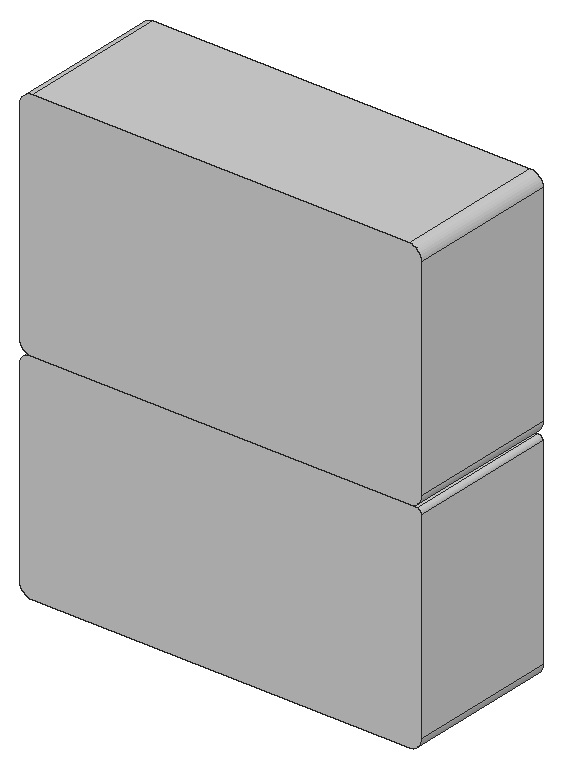
Revit family "Building-IEC309Boards-GEWISS-68QDIN-DISTRIBUTION-BOARD-14MOD_3SOCKET-OUTLETS", category Attrezzatura elettrica, host Muro, Revit 2016
Family settings
  Host = Muro
  Configurazione quadro = Due colonne, circuiti in orizzontale
  Tipo di parte = Pannello comandi
  Quota connettore circolare = Usa diametro
  Numero OmniClass = 23.80.30.11.17
  Titolo OmniClass = Distribution Boards and Control Panels
  Sempre verticale = Sì
  Taglio con vuoti quando caricato = No
  Condiviso = No
  Punto di calcolo locali = No
Parameters (values of type "GW68005N - Q-DIN 14M 3 FLANGES S.O.16/32A IP65")
  potenza = 400 V
  Working temperature = "-25 ÷ +40 °C"
  Voltaggio = "400V"
  Vista di pianta [instance] = yes
  Vetro = GEWISS - vetro
  Version type = "Empty"
  Version file RFA = "18.0"
  URL = "https://www.gewiss.com/ww/en"
  Thermo-pressure with ball = "70 °C"
  Technical sheet = "https://www.gewiss.com/ww/en/search?q=GW68005N"
  Struttura = GEWISS - Grigio RAL - 7035
  Simbolo Acceso [instance] = yes
  Shock resistance = "IK08"
  SEO = "Board"
  Realized by GEWISS S.p.A. = ""
  Produttore = "GEWISS S.p.A."
  Presa = GEWISS - Grigio RAL - 7035
  Operating temperature: = "-25 +40 °C"
  Offset etichetta nome quadro [instance] = 125 mm
  Panel Name [instance] = "NOME"
  No. of provided blank lids = "1 IEC 16/32A"
  No. of modules EN 50022 = "14"
  No. of blank lids supplied = "1 IB 16/32A"
  Modello = "GW68005N"
  Lunghezza = 320 mm
  Insulation class = "II"
  Installation type = "Surface-mounting"
  Immagine tipo = GW68005N.jpg
  IP degree = "IP65"
  IFC.TypeObject = ""
  IFC.ExportType = ""
  IFC.ExportAs = ""
  IDT = "63e6b50c-c9b0-4c82-844b-021dcb4b6831"
  IDF = "195ebcb1-dd8e-40fd-99da-a97f76e872ef"
  Houseable socket = "3 IEC 309 16/32A IP44/67"
  H_da terra = 500 mm
  Glow Wire Test = "650°C"
  Electrocod = "2242"
  ETICHETTA NOME QUADRO [instance] = yes
  EAN code = "8011564744769"
  Distanza orizzontale del simbolo [instance] = 0 mm
  Distanza dal muro [instance] = 0 mm
  Dispersible power B (W) = "64"
  Dispersible power A (W) = "24"
  Descrizione = "Q-DIN 14M 3 FLANGES S.O.16/32A IP65"
  Colour = "Grey RAL 7035"
  Classificazione carico = Altro
  Catalogue Range = "68 QDIN"
  Catalogue = "BUILDING"
  Carico apparente = 0 VA
  Cornice simbolo [instance] = no
  COBie.Tagnumber = ""
  COBie.CreatedOn = ""
  COBie.CreatebBy = ""
  COBie.ComponentRegisterItemID = ""
  COBie.Component.TagNumber = ""
  COBie.Component.Space = ""
  COBie.Component.SerialNumber = ""
  COBie.Component.InstallationDate = ""
  COBie.Component.Description = ""
  COBie.Component.BarCode = ""
  Altezza = 360 mm
  Accordance with Standards = "EN 60208 - EN 60670-1 - IEC 60670-24"
Reference planes
  plane 1 "Muro": y = 0
  plane 2 "Centro (Sinistra/Destra)": x = 125
  plane 3 "Indietro": y = 75
  plane 4: z = 500
  plane 5: x = 125
  plane 6: y = 200
Lines and regions (mm)
  Masking region 1, visible <- "Vista di pianta"
    outline origin (0, 0, 0) x (1, 0, 0) y (0, 1, 0)
      loop
        line (-35, 175) -> (-35, 75) -> (285, 75) -> (285, 175) -> (-35, 175)
  Masking region 2
    outline origin (125, 0, 0) x (0, 1, 0) y (0, 0, 1)
      loop
        line (75, 500) -> (195, 500) -> (195, 673) -> (75, 673) -> (75, 500)
  Masking region 3
    outline origin (125, 0, 0) x (0, 1, 0) y (0, 0, 1)
      loop
        line (75, 860) -> (75, 673) -> (175, 673) -> (175, 860) -> (75, 860)
Text (mm)
  text "Lato posizionamento" at (-1848.837, 1116.779, 0), in view "Livello rif."
  text "Lato posizionamento" at (0, 1409.804, 2854.306), in view "Sinistra"
  text "Lato posizionamento" at (0, 499.811, 2980.732), in view "Destra"
Dimensions and locks
  locked: plane 3 "Indietro" to host wall
  "H_da terra": level to plane 4
  "Offset etichetta nome quadro": plane 3 "Indietro" to plane 6
  "Distanza orizzontale del simbolo": plane 5 to plane 2 "Centro (Sinistra/Destra)"
  aligned and locked: plane 1 "Muro" to host wall
  aligned and locked: nested 1 to plane 3 "Indietro"
  aligned and locked: plane 4 to nested 1
  aligned and locked: nested 2 to plane 6
  aligned and locked: plane 5 to nested 3
  aligned and locked: Masking region 1 sketch curve to nested 1  (x4)
  aligned and locked: Masking region 2 sketch curve to nested 1  (x4)
  aligned and locked: Masking region 3 sketch curve to nested 1
  aligned and locked: host wall to Masking region 3 sketch curve
  aligned and locked: plane 2 "Centro (Sinistra/Destra)" to nested 4
  aligned and locked: plane 4 to nested 4
  aligned and locked: nested 1 to Masking region 3
Automatic sketch dimensions
  host wall to Masking region 3 sketch curve = 100 mm
  Masking region 3 sketch curve to Masking region 3 sketch curve = 187 mm
Nested families
  nested 1: "QDIN14 QUADRO X 3 PRESE IND_BASE" at (125, 75, 0) x (-1, 0, 0) z (0, 0, 1), type "QDIN10 QUADRO 2 PRESE  VERT"
  nested 2: "NOME QUADRO" at (125, 200, 0), visible <- "ETICHETTA NOME QUADRO", TXT <- "Panel Name", type "NOME QUADRO"
    with TXT "NOME"
  nested 3: "CENTRALINO" at (125, 116.895, 0), BORDO ACCESO <- "Cornice simbolo", SIMBOLO ACCESO <- "Simbolo Acceso", Distanza dal muro <- "Distanza dal muro", type "CENTRALINO"
    with SIMBOLO ACCESO yes, Distanza dal muro 0 mm, BORDO ACCESO no
  nested 4: "2D - QDIN14 QUADRO DISTRIB X3 PRESE IND" at (125, 0, 500) x (-1, 0, 0) z (0, -1, 0), type "BIDIMENSIONALE"
Connectors
  electrical at (125, 135, 500), driven by "potenza", driven by "Carico apparente", driven by "Classificazione carico"
    settings: on nested 1, index 1, voltage 400 V, apparent load 0 VA, apparent load phase1 0 VA, apparent load phase2 0 VA, apparent load phase3 0 VA, power factor 1, load classification "Altro", number of poles 1, system type 31, power factor state 1, is connector primary yes, connector utility no, sub classification motor no, connector description ""
Definition of nested family "QDIN14 QUADRO X 3 PRESE IND_BASE"
  Parameters (values of type "QDIN14 QUADRO X 3 PRESE IND_BASE")
    Vetro = none
    Struttura = none
    Spessore = 120 mm
    Default Elevation = 14 mm
    Presa = none
    Lunghezza = 320 mm
    IFC.TypeObject = ""
    IFC.ExportType = ""
    IFC.ExportAs = ""
    H_da terra = 586.883 mm
    H1 [instance] = 173 mm
    H2 [instance] = 94.981 mm
    COBie.CreatedOn = ""
    COBie.CreatebBy = ""
    COBie.ComponentRegisterItemID = ""
    COBie.Component.TagNumber = ""
    COBie.Component.Space = ""
    COBie.Component.SerialNumber = ""
    COBie.Component.InstallationDate = ""
    COBie.Component.Description = ""
    COBie.Component.BarCode = ""
    Altezza [instance] = 360 mm
  Types (3, lengths in mm): name | Spessore | H_da terra
    QDIN14 QUADRO X 3 PRESE IND_BASE | 120 | 586.883
    QDIN10 QUADRO 2 PRESE  VERT | 160 | 500
    QDIN14 QUADRO X 3 PRESE IND | 160 | 586.883
  Reference planes
    plane 1 "Centro (Fronte/Retro)": y = 0
    plane 2: z = 0
    plane 3 "Centro (Sinistra/Destra)": x = 0
    plane 4 "s": y = -100
    plane 5: z = 586.883
    plane 6: z = 946.883
    plane 7: x = -160
    plane 8: x = 160
    plane 9: z = 759.883
    plane 10: y = -80.196
    plane 11: x = -157.597
    plane 12: x = 157.589
    plane 13: z = 789.383
    plane 14: z = 908.347
    plane 15: y = -46.089
    plane 16: y = -87.126
    plane 17: z = 728.606
    plane 18: z = 633.624
    plane 19: x = -143
    plane 20: x = -63
    plane 21: x = -41
    plane 22: x = 44
    plane 23: x = 143
    plane 24: x = 63
  Forms (mm)
    Extrusion 1, solid, material <- "Struttura"
      sketch origin (0, 0, 0) x (1, 0, 0) y (0, 0, 1)
        loop
          arc (-150, 946.883) -> (-157.071, 943.954) -> (-160, 936.883) r 10
          line (-160, 936.883) -> (-160, 769.883)
          arc (-160, 769.883) -> (-157.071, 762.812) -> (-150, 759.883) r 10
          line (-150, 759.883) -> (150, 759.883)
          arc (150, 759.883) -> (157.071, 762.812) -> (160, 769.883) r 10
          line (160, 769.883) -> (160, 936.883)
          arc (160, 936.883) -> (157.071, 943.954) -> (150, 946.883) r 10
          line (150, 946.883) -> (-150, 946.883)
      from 0 to 120
    Extrusion 2, solid, material <- "Struttura"
      sketch origin (0, 0, 0) x (1, 0, 0) y (0, 0, 1)
        loop
          line (152.45, 759.883) -> (-156.38, 759.883)
          arc (-156.38, 759.883) -> (-158.94, 758.823) -> (-160, 756.263) r 3.62
          line (-160, 756.263) -> (-160, 596.883)
          arc (-160, 596.883) -> (-157.071, 589.812) -> (-150, 586.883) r 10
          line (-150, 586.883) -> (150, 586.883)
          arc (150, 586.883) -> (157.071, 589.812) -> (160, 596.883) r 10
          line (160, 596.883) -> (160, 752.333)
          arc (160, 752.333) -> (157.789, 757.672) -> (152.45, 759.883) r 7.55
      from 0 to 120
    Extrusion 3, void
      sketch origin (0, 0, 0) x (1, 0, 0) y (0, 0, 1)
        loop
          line (-157.597, 908.347) -> (-157.597, 789.383) -> (157.589, 789.383) -> (157.589, 908.347) -> (-157.597, 908.347)
      from 46.089 to 120
    Extrusion 4, solid, material <- "Vetro", detail levels fine
      sketch origin (0, 0, 0) x (1, 0, 0) y (0, 0, 1)
        loop
          line (-157.597, 908.347) -> (-157.597, 789.383) -> (157.589, 789.383) -> (157.589, 908.347) -> (-157.597, 908.347)
      from 87.126 to 120.5
    Extrusion 5, solid, material <- "Struttura", detail levels fine
      sketch origin (0, 0, 0) x (1, 0, 0) y (0, 0, 1)
        loop
          line (-143, 633.624) -> (-63, 633.624) -> (-63, 728.606) -> (-143, 728.606) -> (-143, 633.624)
        loop
          line (-41, 633.624) -> (44, 633.624) -> (44, 728.606) -> (-41, 728.606) -> (-41, 633.624)
        loop
          line (143, 728.606) -> (63, 728.606) -> (63, 633.624) -> (143, 633.624) -> (143, 728.606)
      from 119 to 122
  Cuts and joins
    Extrusion 3 cuts Extrusion 1
  Dimensions and locks
    plane 4 "s" to plane 1 "Centro (Fronte/Retro)" = 100 mm  (x2)
    "H_da terra": plane 5 to level
    equal spacing: plane 7, plane 3 "Centro (Sinistra/Destra)", plane 8
    "Lunghezza": plane 7 to plane 8
    locked: plane 4 "s" to plane 10 at 19.804
    locked: plane 6 to plane 14 at 38.537
    locked: plane 13 to plane 9 at 29.5
    locked: plane 7 to plane 11 at 2.403
    locked: plane 12 to plane 8 at 2.411
    locked: plane 4 "s" to plane 15 at 53.911
    locked: plane 4 "s" to plane 16 at 12.874
    "Altezza": plane 6 to plane 5
    locked: plane 14 to plane 13 at 118.963
    locked: plane 19 to plane 7 at 17
    locked: plane 23 to plane 8 at 17
    plane 20 to plane 19 = 80 mm
    plane 22 to plane 21 = 85 mm
    plane 23 to plane 24 = 80 mm
    plane 21 to plane 20 = 22 mm
    "H2": plane 17 to plane 18
    locked: plane 18 to plane 5 at 46.741
    aligned and locked: level to plane 2
    aligned and locked: Extrusion 1 sketch curve to plane 6
    aligned and locked: Extrusion 1 sketch curve to plane 8
    aligned and locked: Extrusion 1 sketch curve to plane 7
    aligned and locked: plane 9 to Extrusion 1 sketch curve
    aligned and locked: Extrusion 2 sketch curve to plane 9
    aligned and locked: Extrusion 2 sketch curve to plane 8
    aligned and locked: Extrusion 2 sketch curve to plane 7
    aligned and locked: Extrusion 2 sketch curve to plane 5
    aligned and locked: Extrusion 3 sketch curve to plane 14
    aligned and locked: Extrusion 3 sketch curve to plane 12
    aligned and locked: Extrusion 3 sketch curve to plane 11
    aligned and locked: Extrusion 3 sketch curve to plane 13
    aligned and locked: plane 15 to cut or joined group of Extrusion 1, Extrusion 3
    aligned and locked: Extrusion 4 sketch curve to plane 14
    aligned and locked: Extrusion 4 sketch curve to plane 12
    aligned and locked: Extrusion 4 sketch curve to plane 13
    aligned and locked: Extrusion 4 sketch curve to plane 11
    aligned and locked: plane 16 to Extrusion 4
    aligned and locked: plane 18 to Extrusion 5 sketch curve  (x2)
    aligned and locked: Extrusion 5 sketch curve to plane 19
    aligned and locked: Extrusion 5 sketch curve to plane 17  (x3)
    aligned and locked: plane 20 to Extrusion 5 sketch curve
    aligned and locked: Extrusion 5 sketch curve to plane 21
    aligned and locked: plane 22 to Extrusion 5 sketch curve
    aligned and locked: plane 23 to Extrusion 5 sketch curve
    aligned and locked: Extrusion 5 sketch curve to plane 24
  Automatic sketch dimensions
    Extrusion 1 sketch curve to Extrusion 1 sketch curve = 10 mm  (x2)
    Extrusion 1 sketch curve to plane 7 = 10 mm
    plane 8 to Extrusion 1 sketch curve = 10 mm
    Extrusion 2 sketch curve to Extrusion 2 sketch curve = 3.62 mm
    Extrusion 2 sketch curve to plane 7 = 10 mm
    Extrusion 2 sketch curve to Extrusion 2 sketch curve = 10 mm
    plane 8 to Extrusion 2 sketch curve = 7.55 mm
    Extrusion 5 sketch curve to plane 18 = 0 mm
Definition of nested family "NOME QUADRO"
  Parameters (values of type "NOME QUADRO")
    TXT [instance] = ""
  Reference planes
    plane 1: y = 0
    plane 2: x = 0
  Text (mm)
    label "NOME QUADRO" at (0.217, 0.029, 0), shows "TXT"
Definition of nested family "CENTRALINO"
  Parameters (values of type "CENTRALINO")
    SIMBOLO ACCESO [instance] = yes
    Distanza dal muro [instance] = 0 mm
    BORDO ACCESO [instance] = yes
  Reference planes
    plane 1: y = 0
    plane 2: x = 0
  Dimensions and locks
    "Distanza dal muro": plane 1 to nested 1
    aligned and locked: plane 2 to nested 1
  Nested families
    nested 1: "CENTRALINO_BASE" at (0, 0, 0), BORDO ACCESO <- "BORDO ACCESO", visible <- "SIMBOLO ACCESO", type "CENTRALINO"
      with BORDO ACCESO yes
  Definition of nested family "CENTRALINO_BASE"
    Parameters (values of type "CENTRALINO")
      Distanza dal muro = 0 mm
      BORDO ACCESO [instance] = yes
    Reference planes
      plane 1: y = 0
      plane 2: x = 0
    Lines and regions (mm)
      detail lines, visible <- "BORDO ACCESO", not visible
        curve 1: line (-2.443, 10.208, 0) -> (2.057, 10.208, 0)
        curve 2: line (2.057, 10.208, 0) -> (2.057, 4.208, 0)
        curve 3: line (2.057, 4.208, 0) -> (-2.443, 4.208, 0)
        curve 4: line (-2.443, 4.208, 0) -> (-2.443, 10.208, 0)
        curve 5: line (-2.043, 9.808, 0) -> (1.657, 9.808, 0)
        curve 6: line (1.657, 9.808, 0) -> (1.657, 4.608, 0)
        curve 7: line (1.657, 4.608, 0) -> (-2.043, 4.608, 0)
        curve 8: line (-2.043, 4.608, 0) -> (-2.043, 9.808, 0)
      detail lines
        curve 9: line (0, 0.905, 0) -> (0, 0.235, 0)
        curve 10: line (0.659, 0.905, 0) -> (0.659, 1.564, 0)
        curve 11: line (0.659, 1.564, 0) -> (-0.659, 1.564, 0)
        curve 12: line (-0.659, 1.564, 0) -> (-0.659, 0.905, 0)
        curve 13: line (-0.659, 0.905, 0) -> (0.659, 0.905, 0)
        curve 14: line (0.497, 1.564, 0) -> (0.497, 2.235, 0)
        curve 15: line (0.167, 1.564, 0) -> (0.167, 2.235, 0)
        curve 16: line (-0.162, 1.564, 0) -> (-0.162, 2.235, 0)
        curve 17: line (-0.491, 1.564, 0) -> (-0.491, 2.235, 0)
Definition of nested family "2D - QDIN14 QUADRO DISTRIB X3 PRESE IND"
  Reference planes
    plane 1 "Centro (Fronte/Retro)": y = 0
    plane 2: z = 0
    plane 3 "Centro (Sinistra/Destra)": x = 0
  Lines and regions (mm)
    model lines, in view "Livello rif."
      curve 1: arc (10.25, 180.638, 0) -> (-3.92, 190.108, 0) -> (-7.252, 173.394, 0) r 10.25
      curve 2: arc (7.251, 173.393, 0) -> (9.471, 176.717, 0) -> (10.25, 180.638, 0) r 10.25
      curve 3: arc (144, 0, 0) -> (152.145, 2.228, 0) -> (158.021, 8.292, 0) r 16
      curve 4: arc (-158.02, 8.29, 0) -> (-152.144, 2.227, 0) -> (-144, 0, 0) r 16
      curve 5: arc (-144, 360, 0) -> (-152.144, 357.773, 0) -> (-158.02, 351.71, 0) r 16
      curve 6: arc (158.02, 351.71, 0) -> (152.144, 357.773, 0) -> (144, 360, 0) r 16
      curve 7: arc (-53.943, 198.754, 0) -> (-54.717, 198.013, 0) -> (-55, 196.979, 0) r 2.01
      curve 8: arc (-35, 203.496, 0) -> (-44.764, 202.293, 0) -> (-53.943, 198.754, 0) r 40.184
      curve 9: arc (53.941, 198.754, 0) -> (44.763, 202.293, 0) -> (35, 203.496, 0) r 40.185
      curve 10: arc (55, 196.979, 0) -> (54.716, 198.013, 0) -> (53.941, 198.754, 0) r 2.01
      curve 11: arc (-55, 186.807, 0) -> (-54.711, 185.765, 0) -> (-53.924, 185.024, 0) r 2.009
      curve 12: arc (53.924, 185.024, 0) -> (54.711, 185.765, 0) -> (55, 186.807, 0) r 2.009
      curve 13: arc (-7.252, 173.394, 0) -> (-5.306, 172.094, 0) -> (-3.01, 171.638, 0) r 6
      curve 14: arc (3.01, 171.638, 0) -> (5.305, 172.094, 0) -> (7.251, 173.393, 0) r 6
      curve 15: arc (-158.02, 351.71, 0) -> (-159.497, 347.98, 0) -> (-160, 344, 0) r 16
      curve 16: arc (-160, 16, 0) -> (-155.314, 4.686, 0) -> (-144, 0, 0) r 16
      curve 17: arc (144, 0, 0) -> (155.314, 4.686, 0) -> (160, 16, 0) r 16
      curve 18: arc (160, 344, 0) -> (159.497, 347.98, 0) -> (158.02, 351.71, 0) r 16
      curve 19: line (-99.843, 192.498, 0) -> (-55.5, 192.498, 0)
      curve 20: line (-141.791, 192.498, 0) -> (141.791, 192.498, 0)
      curve 21: line (144, 359.944, 0) -> (-144, 359.944, 0)
      curve 22: line (160, 344, 0) -> (159.945, 336.827, 0)
      curve 23: line (160, 336.779, 0) -> (160, 23.221, 0)
      curve 24: line (160, 23.221, 0) -> (160, 16, 0)
      curve 25: line (-160, 23.228, 0) -> (-160, 336.772, 0)
      curve 26: line (-144, 0, 0) -> (144, 0, 0)
      curve 27: line (-55, 190.77, 0) -> (-55, 196.979, 0)
      curve 28: line (35, 203.496, 0) -> (-35, 203.496, 0)
      curve 29: line (55, 190.77, 0) -> (55, 196.979, 0)
      curve 30: line (-141.791, 170.288, 0) -> (-141.791, 290.128, 0)
      curve 31: line (-141.791, 290.128, 0) -> (141.791, 290.128, 0)
      curve 32: line (141.791, 290.128, 0) -> (141.791, 170.288, 0)
      curve 33: line (-141.791, 170.288, 0) -> (141.791, 170.288, 0)
      curve 34: line (55, 190.77, 0) -> (55, 186.807, 0)
      curve 35: line (-55, 190.77, 0) -> (-55, 186.807, 0)
      curve 36: line (3.01, 171.638, 0) -> (-3.01, 171.638, 0)
      curve 37: line (-160, 344, 0) -> (-160, 16, 0)
      curve 38: line (-144, 0.055, 0) -> (144, 0.055, 0)
      curve 39: line (-126, 267.5, 0) -> (126, 267.5, 0)
      curve 40: line (126, 267.5, 0) -> (126, 222.5, 0)
      curve 41: line (126, 222.5, 0) -> (-126, 222.5, 0)
      curve 42: line (-126, 222.5, 0) -> (-126, 267.5, 0)
      curve 43: line (-54.809, 184.641, 0) -> (-54.747, 184.452, 0)
      curve 44: line (-54.747, 184.452, 0) -> (-54.587, 184.166, 0)
      curve 45: line (-54.587, 184.166, 0) -> (-54.383, 183.919, 0)
      curve 46: line (-54.383, 183.919, 0) -> (-54.164, 183.744, 0)
      curve 47: line (-54.164, 183.744, 0) -> (-53.447, 183.311, 0)
      curve 48: line (-53.447, 183.311, 0) -> (-52.691, 182.878, 0)
      curve 49: line (-52.691, 182.878, 0) -> (-51.465, 182.226, 0)
      curve 50: line (-51.465, 182.226, 0) -> (-50.212, 181.618, 0)
      curve 51: line (-50.212, 181.618, 0) -> (-48.933, 181.055, 0)
      curve 52: line (-48.933, 181.055, 0) -> (-47.632, 180.541, 0)
      curve 53: line (-47.632, 180.541, 0) -> (-46.312, 180.077, 0)
      curve 54: line (-46.312, 180.077, 0) -> (-44.979, 179.664, 0)
      curve 55: line (-44.979, 179.664, 0) -> (-43.612, 179.298, 0)
      curve 56: line (-43.612, 179.298, 0) -> (-42.233, 178.985, 0)
      curve 57: line (-42.233, 178.985, 0) -> (-40.842, 178.726, 0)
      curve 58: line (-40.842, 178.726, 0) -> (-39.44, 178.522, 0)
      curve 59: line (-39.44, 178.522, 0) -> (-37.963, 178.367, 0)
      curve 60: line (-37.963, 178.367, 0) -> (-36.481, 178.274, 0)
      curve 61: line (-36.481, 178.274, 0) -> (-35.001, 178.243, 0)
      curve 62: line (35.002, 178.243, 0) -> (36.022, 178.258, 0)
      curve 63: line (36.022, 178.258, 0) -> (37.046, 178.302, 0)
      curve 64: line (37.046, 178.302, 0) -> (38.069, 178.376, 0)
      curve 65: line (38.069, 178.376, 0) -> (39.09, 178.48, 0)
      curve 66: line (39.09, 178.48, 0) -> (40.46, 178.665, 0)
      curve 67: line (40.46, 178.665, 0) -> (41.82, 178.903, 0)
      curve 68: line (41.82, 178.903, 0) -> (43.169, 179.191, 0)
      curve 69: line (43.169, 179.191, 0) -> (44.516, 179.534, 0)
      curve 70: line (44.516, 179.534, 0) -> (45.851, 179.928, 0)
      curve 71: line (45.851, 179.928, 0) -> (47.177, 180.375, 0)
      curve 72: line (47.177, 180.375, 0) -> (48.487, 180.873, 0)
      curve 73: line (48.487, 180.873, 0) -> (49.776, 181.419, 0)
      curve 74: line (49.776, 181.419, 0) -> (51.04, 182.013, 0)
      curve 75: line (51.04, 182.013, 0) -> (52.269, 182.647, 0)
      curve 76: line (52.269, 182.647, 0) -> (53.47, 183.324, 0)
      curve 77: line (53.47, 183.324, 0) -> (54.164, 183.744, 0)
      curve 78: line (54.164, 183.744, 0) -> (54.386, 183.921, 0)
      curve 79: line (54.386, 183.921, 0) -> (54.589, 184.17, 0)
      curve 80: line (54.589, 184.17, 0) -> (54.748, 184.456, 0)
      curve 81: line (54.748, 184.456, 0) -> (54.81, 184.645, 0)
      curve 82: line (-10.276, 178.243, 0) -> (-35.001, 178.243, 0)
      curve 83: line (10.276, 178.243, 0) -> (35.002, 178.243, 0)
      curve 84: arc (143.203, 131.271, 0) -> (140.142, 138.661, 0) -> (132.751, 141.723, 0) r 10.452
      curve 85: arc (132.751, 46.741, 0) -> (140.142, 49.803, 0) -> (143.203, 57.193, 0) r 10.452
      curve 86: arc (63.202, 57.193, 0) -> (66.263, 49.803, 0) -> (73.654, 46.741, 0) r 10.452
      curve 87: arc (73.654, 141.723, 0) -> (66.263, 138.661, 0) -> (63.202, 131.271, 0) r 10.452
      curve 88: line (63.202, 57.193, 0) -> (63.202, 131.271, 0)
      curve 89: line (73.654, 141.723, 0) -> (132.751, 141.723, 0)
      curve 90: line (143.203, 131.271, 0) -> (143.203, 57.193, 0)
      curve 91: circle (73.516, 55.866, 0) r 3.106 normal (0, 0, 1)
      curve 92: circle (73.516, 132.372, 0) r 3.106 normal (0, 0, 1)
      curve 93: circle (132.945, 55.416, 0) r 3.106 normal (0, 0, 1)
      curve 94: circle (132.945, 131.923, 0) r 3.106 normal (0, 0, 1)
      curve 95: line (73.654, 46.741, 0) -> (132.751, 46.741, 0)
      curve 96: arc (39.884, 133.402, 0) -> (36.758, 140.948, 0) -> (29.212, 144.074, 0) r 10.672
      curve 97: arc (29.212, 47.093, 0) -> (36.758, 50.219, 0) -> (39.884, 57.765, 0) r 10.672
      curve 98: arc (-41.802, 57.765, 0) -> (-38.676, 50.219, 0) -> (-31.13, 47.093, 0) r 10.672
      curve 99: arc (-31.13, 144.074, 0) -> (-38.676, 140.948, 0) -> (-41.802, 133.402, 0) r 10.672
      curve 100: line (-41.802, 57.765, 0) -> (-41.802, 133.402, 0)
      curve 101: line (-31.13, 144.074, 0) -> (29.212, 144.074, 0)
      curve 102: line (39.884, 133.402, 0) -> (39.884, 57.765, 0)
      curve 103: circle (-31.271, 56.409, 0) r 3.171 normal (0, 0, 1)
      curve 104: circle (-31.271, 134.527, 0) r 3.171 normal (0, 0, 1)
      curve 105: circle (29.41, 55.95, 0) r 3.171 normal (0, 0, 1)
      curve 106: circle (29.41, 134.067, 0) r 3.171 normal (0, 0, 1)
      curve 107: line (-31.13, 47.093, 0) -> (29.212, 47.093, 0)
      curve 108: arc (-63.496, 131.271, 0) -> (-66.558, 138.661, 0) -> (-73.949, 141.723, 0) r 10.452
      curve 109: arc (-73.949, 46.741, 0) -> (-66.558, 49.803, 0) -> (-63.496, 57.193, 0) r 10.452
      curve 110: arc (-143.498, 57.193, 0) -> (-140.437, 49.803, 0) -> (-133.046, 46.741, 0) r 10.452
      curve 111: arc (-133.046, 141.723, 0) -> (-140.437, 138.661, 0) -> (-143.498, 131.271, 0) r 10.452
      curve 112: line (-143.498, 57.193, 0) -> (-143.498, 131.271, 0)
      curve 113: line (-133.046, 141.723, 0) -> (-73.949, 141.723, 0)
      curve 114: line (-63.496, 131.271, 0) -> (-63.496, 57.193, 0)
      curve 115: circle (-133.184, 55.866, 0) r 3.106 normal (0, 0, 1)
      curve 116: circle (-133.184, 132.372, 0) r 3.106 normal (0, 0, 1)
      curve 117: circle (-73.755, 55.416, 0) r 3.106 normal (0, 0, 1)
      curve 118: circle (-73.755, 131.923, 0) r 3.106 normal (0, 0, 1)
      curve 119: line (-133.046, 46.741, 0) -> (-73.949, 46.741, 0)
    detail lines, in view "Livello rif.", detail levels coarse
      curve 120: line (-53.924, 185.024, 0) -> (-54.812, 184.64, 0)
      curve 121: line (53.924, 185.024, 0) -> (54.811, 184.645, 0)
